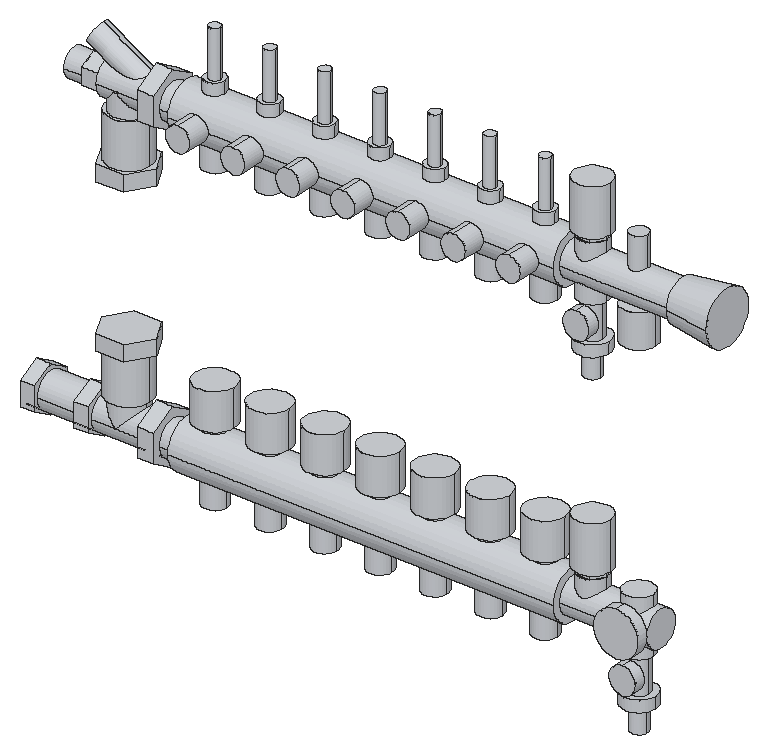
Revit family "318_1dab38ccfa9a4ba2b3cf6a35155c07", category Pipe Accessories, Revit 2017
Family settings
  Round Connector Dimension = Use Diameter
  Part Type = Valve - Normal
  Work Plane-Based = No
  Always vertical = Yes
  Cut with Voids When Loaded = No
  Shared = No
Parameters (values of type "R557FY007")
  magi_piping_qv_2_7 [instance] = 0.0 L/s
  magi_piping_qv_2_6 [instance] = 0.0 L/s
  magi_piping_qv_2_5 [instance] = 0.0 L/s
  magi_piping_qv_2_4 [instance] = 0.0 L/s
  magi_piping_qv_2_3 [instance] = 0.0 L/s
  magi_piping_qv_2_2 [instance] = 0.0 L/s
  magi_piping_qv_2_1 [instance] = 0.0 L/s
  magi_piping_qv_1_7 [instance] = 0.0 L/s
  magi_piping_qv_1_6 [instance] = 0.0 L/s
  magi_piping_qv_1_5 [instance] = 0.0 L/s
  magi_piping_qv_1_4 [instance] = 0.0 L/s
  magi_piping_qv_1_3 [instance] = 0.0 L/s
  magi_piping_qv_1_2 [instance] = 0.0 L/s
  magi_piping_qv_1_1 [instance] = 0.0 L/s
  magi_piping_qv [instance] = 0.0 L/s
  magi_piping_power_7 [instance] = 0 W
  magi_piping_power_6 [instance] = 0 W
  magi_piping_power_5 [instance] = 0 W
  magi_piping_power_4 [instance] = 0 W
  magi_piping_power_3 [instance] = 0 W
  magi_piping_power_2 [instance] = 0 W
  magi_piping_power_1 [instance] = 0 W
  magi_piping_kv_7 [instance] = 0
  magi_piping_kv_6 [instance] = 0
  magi_piping_kv_5 [instance] = 0
  magi_piping_kv_4 [instance] = 0
  magi_piping_kv_3 [instance] = 0
  magi_piping_kv_2 [instance] = 0
  magi_piping_kv_1 [instance] = 0
  magi_piping_dpTot_7 [instance] = 0.0 Pa
  magi_piping_dpTot_6 [instance] = 0.0 Pa
  magi_piping_dpTot_5 [instance] = 0.0 Pa
  magi_piping_dpTot_4 [instance] = 0.0 Pa
  magi_piping_dpTot_3 [instance] = 0.0 Pa
  magi_piping_dpTot_2 [instance] = 0.0 Pa
  magi_piping_dpTot_1 [instance] = 0.0 Pa
  magi_adjustmentValue_7 [instance] = ""
  magi_adjustmentValue_6 [instance] = ""
  magi_adjustmentValue_5 [instance] = ""
  magi_adjustmentValue_4 [instance] = ""
  magi_adjustmentValue_3 [instance] = ""
  magi_adjustmentValue_2 [instance] = ""
  magi_adjustmentValue_1 [instance] = ""
  magiProductId = "1dab38ccfa9a4ba2b3cf6a35155c07"
  magiProductFamilyId = "1dab38ccfa9a4ba2b3cf6a35155c07"
  magiProductCode = "R557FY007"
  magiPartTypeId = 318
  X1 = 127 mm
  VersionID = "2.0/2016.10.37.0/GIACOMINI_R557FY_001"
  VL2__ve = -VL2  # -137 mm
  VL2 = 137 mm
  VL1 = 102 mm
  URL = "http://www.giacomini.com/en"
  SMP = 25 mm
  SBP9 = 18 mm
  SBP8 = 18 mm
  SBP7 = 18 mm
  SBP6 = 18 mm
  SBP5 = 18 mm
  SBP4 = 18 mm
  SBP3 = 18 mm
  SBP2 = 18 mm
  SBP12 = 18 mm
  SBP11 = 18 mm
  SBP10 = 18 mm
  SBP1 = 18 mm
  RMP = 25 mm
  RBP9 = 18 mm
  RBP8 = 18 mm
  RBP7 = 18 mm
  RBP6 = 18 mm
  RBP5 = 18 mm
  RBP4 = 18 mm
  RBP3 = 18 mm
  RBP2 = 18 mm
  RBP12 = 18 mm
  RBP11 = 18 mm
  RBP10 = 18 mm
  RBP1 = 18 mm
  R2 = 22 mm
  QmdConnectorList = "321;SMP;322;SBP1;323;SBP2;324;SBP3;325;SBP4;326;SBP5;327;SBP6;328;SBP7;351;RMP;352;RBP1;353;RBP2;354;RBP3;355;RBP4;356;RBP5;357;RBP6;358;RBP7"
  Productdata [instance] = "© Progman Oy, all rights reserved"
  N9 = no
  N8 = no
  N7 = yes
  N6 = yes
  N5 = yes
  N4 = yes
  N3 = yes
  N12 = no
  N11 = no
  N10 = no
  Manufacturer = "Giacomini"
  MC_Default_elevation = 0 mm
  L = 350 mm
  I = 50 mm
  H5 = 33 mm
  H4 = 5 mm
  H3__ve = -H3  # -40 mm
  H3 = 40 mm
  H2__ve = -H2  # -20 mm
  H2 = 20 mm
  H12 = 42 mm
  H11 = 10 mm
  Flow supply main [instance] = Flow supply 1 + Flow supply 2 + Flow supply 3 + Flow supply 4 + Flow supply 5 + Flow supply 6 + Flow supply 7  # 0.0 L/s
  Flow supply 7 [instance] = 0.0 L/s
  Flow supply 6 [instance] = 0.0 L/s
  Flow supply 5 [instance] = 0.0 L/s
  Flow supply 4 [instance] = 0.0 L/s
  Flow supply 3 [instance] = 0.0 L/s
  Flow supply 2 [instance] = 0.0 L/s
  Flow supply 1 [instance] = 0.0 L/s
  Flow return main [instance] = Flow return 1 + Flow return 2 + Flow return 3 + Flow return 4 + Flow return 5 + Flow return 6 + Flow return 7  # 0.0 L/s
  Flow return 7 [instance] = 0.0 L/s
  Flow return 6 [instance] = 0.0 L/s
  Flow return 5 [instance] = 0.0 L/s
  Flow return 4 [instance] = 0.0 L/s
  Flow return 3 [instance] = 0.0 L/s
  Flow return 2 [instance] = 0.0 L/s
  Flow return 1 [instance] = 0.0 L/s
  E = 274 mm
  Description = "PREASSEMBLED MANIFOLD WITH FLOW METERS"
  D4 = 22 mm
  D32 = 10 mm
  D31 = 18 mm
  D2 = 44 mm
  CAT0 = yes
Reference planes
  plane 1 "Center (Front/Back)": y = 0
  plane 2 "XYPLANE": z = 0
  plane 3 "Center (Left/Right)": x = 0
  plane 4 "INIT_TEMP": y = 100
  plane 5 "386": y = -16
  plane 6 "385": z = -41
  plane 7 "384": z = -67
  plane 8 "383": z = -57
  plane 9 "382": y = -9
  plane 10 "381": z = -315
  plane 11 "380": z = -341
  plane 12 "379": z = -331
  plane 13 "378": z = -213
  plane 14 "377": z = -253
  plane 15 "376": z = -61
  plane 16 "375": z = -21
  plane 17 "374": x = 49
  plane 18 "373": x = 77
  plane 19 "372": x = 17
  plane 20 "371": x = 32
  plane 21 "370": x = -35
  plane 22 "369": x = 27
  plane 23 "368": x = 89
  plane 24 "367": x = -35
  plane 25 "366": x = 102
  plane 26 "365": z = -314
  plane 27 "364": z = -247
  plane 28 "363": z = -252
  plane 29 "362": z = -40
  plane 30 "361": x = 0
  plane 31 "360": y = 0
  plane 32 "359": z = -274
  plane 33 "358": z = 0
  plane 34 "357": z = 22
  plane 35 "356": x = 127
  plane 36 "355": x = 177
  plane 37 "354": y = -22
  plane 38 "353": x = 227
  plane 39 "352": z = 32
  plane 40 "351": x = 277
  plane 41 "350": x = 327
  plane 42 "349": x = 377
  plane 43 "348": x = 427
  plane 44 "347": x = 477
  plane 45 "346": x = 527
  plane 46 "345": x = 577
  plane 47 "344": x = 627
  plane 48 "343": x = 677
  plane 49 "342": x = 452
  plane 50 "341": x = 552
  plane 51 "340": x = 592
  plane 52 "339": x = 470
  plane 53 "338": z = -25
  plane 54 "337": z = 25
  plane 55 "336": z = 30
  plane 56 "335": z = -249
  plane 57 "334": z = -244
  plane 58 "333": z = -16
  plane 59 "332": x = 512
  plane 60 "331": z = -299
  plane 61 "1099": through (77, -750, 0) normal (0.866, 0, -0.5)
Forms (mm)
  Extrusion 1, solid
    sketch origin (750, -16, 0) x (-1, 0, 0) y (0, 0, 1)
      loop
        circle (238, -274) r 20
    from 0 to -10
  Extrusion 2, solid
    sketch origin (-750, 0, -67) x (1, 0, 0) y (0, 1, 0)
      loop
        circle (1220, 0) r 7.5
    from 0 to -22
  Extrusion 3, solid
    sketch origin (750, -9, 0) x (-1, 0, 0) y (0, 0, 1)
      loop
        circle (280, -41) r 12
    from 0 to -10
  Extrusion 4, solid
    sketch origin (750, -9, 0) x (-1, 0, 0) y (0, 0, 1)
      loop
        circle (238, -315) r 12
    from 0 to -10
  Extrusion 5, solid
    sketch origin (-750, 0, -341) x (1, 0, 0) y (0, 1, 0)
      loop
        circle (1262, 0) r 7.5
    from 0 to -22
  Extrusion 6, solid
    sketch origin (-750, 0, -57) x (1, 0, 0) y (0, 1, 0)
      loop
        circle (1220, 0) r 15
    from 0 to -10
  Extrusion 7, solid
    sketch origin (-750, 0, -331) x (1, 0, 0) y (0, 1, 0)
      loop
        circle (1262, 0) r 15
    from 0 to -10
  Extrusion 8, solid
    sketch origin (-750, 0, -299) x (1, 0, 0) y (0, 1, 0)
      loop
        circle (1262, 0) r 9
    from 0 to -32
  Extrusion 9, solid
    sketch origin (-750, 0, -253) x (1, 0, 0) y (0, 1, 0)
      loop
        circle (799, 0) r 19
    from 0 to 40
  Extrusion 10, solid
    sketch origin (-750, 0, -274) x (1, 0, 0) y (0, 1, 0)
      loop
        circle (799, 0) r 16
    from 0 to 21
  Extrusion 11, solid
    sketch origin (-750, 0, -213) x (1, 0, 0) y (0, 1, 0)
      loop
        line (824, 0) -> (811.5, 21.651) -> (786.5, 21.651) -> (774, 0) -> (786.5, -21.651) -> (811.5, -21.651) -> (824, 0)
    from 0 to 14
  Extrusion 12, solid
    sketch origin (-750, 0, -61) x (1, 0, 0) y (0, 1, 0)
      loop
        line (774, 0) -> (786.5, -21.651) -> (811.5, -21.651) -> (824, 0) -> (811.5, 21.651) -> (786.5, 21.651) -> (774, 0)
    from 0 to -14
  Extrusion 13, solid
    sketch origin (-750, 0, 0) x (1, 0, 0) y (0, 1, 0)
      loop
        circle (799, 0) r 16
    from 0 to -21
  Extrusion 14, solid
    sketch origin (-750, 0, -21) x (1, 0, 0) y (0, 1, 0)
      loop
        circle (799, 0) r 19
    from 0 to -40
  Extrusion 15, solid
    sketch origin (77, -750, 0) x (0, 1, 0) y (0.5, 0, 0.866025)
      loop
        circle (750, 0) r 10.5
    from 0 to -65
  Extrusion 16, solid, visible <- "CAT0"
    sketch origin (17, -750, 0) x (0, 1, 0) y (0, 0, 1)
      loop
        circle (750, 0) r 12.5
    from 0 to -17
  Extrusion 17, solid
    sketch origin (32, -750, 0) x (0, 1, 0) y (0, 0, 1)
      loop
        line (750, 15) -> (737.01, 7.5) -> (737.01, -7.5) -> (750, -15) -> (762.99, -7.5) -> (762.99, 7.5) -> (750, 15)
    from 0 to -15
  Extrusion 18, solid
    sketch origin (-35, -750, 0) x (0, 1, 0) y (0, 0, 1)
      loop
        line (750, -253) -> (731.813, -263.5) -> (731.813, -284.5) -> (750, -295) -> (768.187, -284.5) -> (768.187, -263.5) -> (750, -253)
    from 0 to 13
  Extrusion 19, solid
    sketch origin (27, -750, 0) x (0, 1, 0) y (0, 0, 1)
      loop
        line (750, -253) -> (731.813, -263.5) -> (731.813, -284.5) -> (750, -295) -> (768.187, -284.5) -> (768.187, -263.5) -> (750, -253)
    from 0 to -13
  Extrusion 20, solid
    sketch origin (102, -750, 0) x (0, 1, 0) y (0, 0, 1)
      loop
        circle (750, 0) r 16
    from 0 to -70
  Extrusion 21, solid
    sketch origin (89, -750, 0) x (0, 1, 0) y (0, 0, 1)
      loop
        line (750, 25) -> (728.349, 12.5) -> (728.349, -12.5) -> (750, -25) -> (771.651, -12.5) -> (771.651, 12.5) -> (750, 25)
    from 0 to -15
  Extrusion 22, solid
    sketch origin (89, -750, 0) x (0, 1, 0) y (0, 0, 1)
      loop
        line (750, -249) -> (728.349, -261.5) -> (728.349, -286.5) -> (750, -299) -> (771.651, -286.5) -> (771.651, -261.5) -> (750, -249)
    from 0 to -15
  Extrusion 23, solid
    sketch origin (102, -750, 0) x (0, 1, 0) y (0, 0, 1)
      loop
        circle (750, -274) r 16
    from 0 to -137 <- "VL2__ve"
  Extrusion 24, solid, visible <- "N10"
    sketch origin (-750, 0, -274) x (1, 0, 0) y (0, 1, 0)
      loop
        circle (1327, 0) r 11
    from 0 to -40 <- "H3__ve"
  Extrusion 25, solid, visible <- "N10"
    sketch origin (-750, 0, -252) x (1, 0, 0) y (0, 1, 0)
      loop
        circle (1327, 0) r 11
    from 0 to 5 <- "H4"
  Extrusion 26, solid, visible <- "N10"
    sketch origin (-750, 0, -247) x (1, 0, 0) y (0, 1, 0)
      loop
        circle (1327, 0) r 17.5
    from 0 to 33 <- "H5"
  Extrusion 27, solid, visible <- "N12"
    sketch origin (-750, 0, -247) x (1, 0, 0) y (0, 1, 0)
      loop
        circle (1427, 0) r 17.5
    from 0 to 33 <- "H5"
  Extrusion 28, solid, visible <- "N12"
    sketch origin (-750, 0, -252) x (1, 0, 0) y (0, 1, 0)
      loop
        circle (1427, 0) r 11
    from 0 to 5 <- "H4"
  Extrusion 29, solid, visible <- "N12"
    sketch origin (-750, 0, -274) x (1, 0, 0) y (0, 1, 0)
      loop
        circle (1427, 0) r 11
    from 0 to -40 <- "H3__ve"
  Extrusion 30, solid, visible <- "N11"
    sketch origin (-750, 0, -274) x (1, 0, 0) y (0, 1, 0)
      loop
        circle (1377, 0) r 11
    from 0 to -40 <- "H3__ve"
  Extrusion 31, solid, visible <- "N11"
    sketch origin (-750, 0, -252) x (1, 0, 0) y (0, 1, 0)
      loop
        circle (1377, 0) r 11
    from 0 to 5 <- "H4"
  Extrusion 32, solid, visible <- "N11"
    sketch origin (-750, 0, -247) x (1, 0, 0) y (0, 1, 0)
      loop
        circle (1377, 0) r 17.5
    from 0 to 33 <- "H5"
  Extrusion 33, solid, visible <- "N8"
    sketch origin (-750, 0, -247) x (1, 0, 0) y (0, 1, 0)
      loop
        circle (1227, 0) r 17.5
    from 0 to 33 <- "H5"
  Extrusion 34, solid, visible <- "N8"
    sketch origin (-750, 0, -252) x (1, 0, 0) y (0, 1, 0)
      loop
        circle (1227, 0) r 11
    from 0 to 5 <- "H4"
  Extrusion 35, solid, visible <- "N8"
    sketch origin (-750, 0, -274) x (1, 0, 0) y (0, 1, 0)
      loop
        circle (1227, 0) r 11
    from 0 to -40 <- "H3__ve"
  Extrusion 36, solid, visible <- "N9"
    sketch origin (-750, 0, -274) x (1, 0, 0) y (0, 1, 0)
      loop
        circle (1277, 0) r 11
    from 0 to -40 <- "H3__ve"
  Extrusion 37, solid, visible <- "N9"
    sketch origin (-750, 0, -252) x (1, 0, 0) y (0, 1, 0)
      loop
        circle (1277, 0) r 11
    from 0 to 5 <- "H4"
  Extrusion 38, solid, visible <- "N9"
    sketch origin (-750, 0, -247) x (1, 0, 0) y (0, 1, 0)
      loop
        circle (1277, 0) r 17.5
    from 0 to 33 <- "H5"
  Extrusion 39, solid, visible <- "N7"
    sketch origin (-750, 0, -247) x (1, 0, 0) y (0, 1, 0)
      loop
        circle (1177, 0) r 17.5
    from 0 to 33 <- "H5"
  Extrusion 40, solid, visible <- "N7"
    sketch origin (-750, 0, -252) x (1, 0, 0) y (0, 1, 0)
      loop
        circle (1177, 0) r 11
    from 0 to 5 <- "H4"
  Extrusion 41, solid, visible <- "N7"
    sketch origin (-750, 0, -274) x (1, 0, 0) y (0, 1, 0)
      loop
        circle (1177, 0) r 11
    from 0 to -40 <- "H3__ve"
  Extrusion 42, solid, visible <- "N6"
    sketch origin (-750, 0, -274) x (1, 0, 0) y (0, 1, 0)
      loop
        circle (1127, 0) r 11
    from 0 to -40 <- "H3__ve"
  Extrusion 43, solid, visible <- "N6"
    sketch origin (-750, 0, -252) x (1, 0, 0) y (0, 1, 0)
      loop
        circle (1127, 0) r 11
    from 0 to 5 <- "H4"
  Extrusion 44, solid, visible <- "N6"
    sketch origin (-750, 0, -247) x (1, 0, 0) y (0, 1, 0)
      loop
        circle (1127, 0) r 17.5
    from 0 to 33 <- "H5"
  Extrusion 45, solid, visible <- "N5"
    sketch origin (-750, 0, -247) x (1, 0, 0) y (0, 1, 0)
      loop
        circle (1077, 0) r 17.5
    from 0 to 33 <- "H5"
  Extrusion 46, solid, visible <- "N5"
    sketch origin (-750, 0, -252) x (1, 0, 0) y (0, 1, 0)
      loop
        circle (1077, 0) r 11
    from 0 to 5 <- "H4"
  Extrusion 47, solid, visible <- "N5"
    sketch origin (-750, 0, -274) x (1, 0, 0) y (0, 1, 0)
      loop
        circle (1077, 0) r 11
    from 0 to -40 <- "H3__ve"
  Extrusion 48, solid, visible <- "N4"
    sketch origin (-750, 0, -274) x (1, 0, 0) y (0, 1, 0)
      loop
        circle (1027, 0) r 11
    from 0 to -40 <- "H3__ve"
  Extrusion 49, solid, visible <- "N4"
    sketch origin (-750, 0, -252) x (1, 0, 0) y (0, 1, 0)
      loop
        circle (1027, 0) r 11
    from 0 to 5 <- "H4"
  Extrusion 50, solid, visible <- "N4"
    sketch origin (-750, 0, -247) x (1, 0, 0) y (0, 1, 0)
      loop
        circle (1027, 0) r 17.5
    from 0 to 33 <- "H5"
  Extrusion 51, solid, visible <- "N3"
    sketch origin (-750, 0, -247) x (1, 0, 0) y (0, 1, 0)
      loop
        circle (977, 0) r 17.5
    from 0 to 33 <- "H5"
  Extrusion 52, solid, visible <- "N3"
    sketch origin (-750, 0, -252) x (1, 0, 0) y (0, 1, 0)
      loop
        circle (977, 0) r 11
    from 0 to 5 <- "H4"
  Extrusion 53, solid
    sketch origin (-750, 0, -252) x (1, 0, 0) y (0, 1, 0)
      loop
        circle (927, 0) r 11
    from 0 to 5 <- "H4"
  Extrusion 54, solid
    sketch origin (-750, 0, -247) x (1, 0, 0) y (0, 1, 0)
      loop
        circle (927, 0) r 17.5
    from 0 to 33 <- "H5"
  Extrusion 55, solid
    sketch origin (-750, 0, -247) x (1, 0, 0) y (0, 1, 0)
      loop
        circle (877, 0) r 17.5
    from 0 to 33 <- "H5"
  Extrusion 56, solid
    sketch origin (-750, 0, -252) x (1, 0, 0) y (0, 1, 0)
      loop
        circle (877, 0) r 11
    from 0 to 5 <- "H4"
  Extrusion 57, solid, visible <- "N3"
    sketch origin (-750, 0, -274) x (1, 0, 0) y (0, 1, 0)
      loop
        circle (977, 0) r 11
    from 0 to -40 <- "H3__ve"
  Extrusion 58, solid
    sketch origin (-750, 0, -274) x (1, 0, 0) y (0, 1, 0)
      loop
        circle (877, 0) r 11
    from 0 to -40 <- "H3__ve"
  Extrusion 59, solid
    sketch origin (-750, 0, -274) x (1, 0, 0) y (0, 1, 0)
      loop
        circle (927, 0) r 11
    from 0 to -40 <- "H3__ve"
  Extrusion 60, solid
    sketch origin (102, -750, 0) x (0, 1, 0) y (0, 0, 1)
      loop
        circle (750, -274) r 22
    from 0 to 350 <- "L"
  Extrusion 61, solid, visible <- "N8"
    sketch origin (-750, 0, 0) x (1, 0, 0) y (0, 1, 0)
      loop
        circle (1227, 0) r 11
    from 0 to -40 <- "H3__ve"
  Extrusion 62, solid, visible <- "N9"
    sketch origin (-750, 0, 0) x (1, 0, 0) y (0, 1, 0)
      loop
        circle (1277, 0) r 11
    from 0 to -40 <- "H3__ve"
  Extrusion 63, solid, visible <- "N10"
    sketch origin (-750, 0, 0) x (1, 0, 0) y (0, 1, 0)
      loop
        circle (1327, 0) r 11
    from 0 to -40 <- "H3__ve"
  Extrusion 64, solid, visible <- "N11"
    sketch origin (-750, 0, 0) x (1, 0, 0) y (0, 1, 0)
      loop
        circle (1377, 0) r 11
    from 0 to -40 <- "H3__ve"
  Extrusion 65, solid, visible <- "N12"
    sketch origin (-750, 0, 0) x (1, 0, 0) y (0, 1, 0)
      loop
        circle (1427, 0) r 11
    from 0 to -40 <- "H3__ve"
  Extrusion 66, solid, visible <- "N7"
    sketch origin (-750, 0, 0) x (1, 0, 0) y (0, 1, 0)
      loop
        circle (1177, 0) r 11
    from 0 to -40 <- "H3__ve"
  Extrusion 67, solid, visible <- "N6"
    sketch origin (-750, 0, 0) x (1, 0, 0) y (0, 1, 0)
      loop
        circle (1127, 0) r 11
    from 0 to -40 <- "H3__ve"
  Extrusion 68, solid, visible <- "N5"
    sketch origin (-750, 0, 0) x (1, 0, 0) y (0, 1, 0)
      loop
        circle (1077, 0) r 11
    from 0 to -40 <- "H3__ve"
  Extrusion 69, solid, visible <- "N4"
    sketch origin (-750, 0, 0) x (1, 0, 0) y (0, 1, 0)
      loop
        circle (1027, 0) r 11
    from 0 to -40 <- "H3__ve"
  Extrusion 70, solid, visible <- "N3"
    sketch origin (-750, 0, 0) x (1, 0, 0) y (0, 1, 0)
      loop
        circle (977, 0) r 11
    from 0 to -40 <- "H3__ve"
  Extrusion 71, solid
    sketch origin (-750, 0, 0) x (1, 0, 0) y (0, 1, 0)
      loop
        circle (927, 0) r 11
    from 0 to -40 <- "H3__ve"
  Extrusion 72, solid
    sketch origin (-750, 0, 0) x (1, 0, 0) y (0, 1, 0)
      loop
        circle (877, 0) r 11
    from 0 to -40 <- "H3__ve"
  Extrusion 73, solid
    sketch origin (102, -750, 0) x (0, 1, 0) y (0, 0, 1)
      loop
        circle (750, 0) r 22
    from 0 to 350 <- "L"
  Extrusion 74, solid
    sketch origin (-750, 0, 22) x (1, 0, 0) y (0, 1, 0)
      loop
        circle (877, 0) r 9
    from 0 to 10 <- "H11"
  Extrusion 75, solid
    sketch origin (750, -22, 0) x (-1, 0, 0) y (0, 0, 1)
      loop
        circle (623, 0) r 11
    from 0 to -20 <- "H2__ve"
  Extrusion 76, solid
    sketch origin (750, -22, 0) x (-1, 0, 0) y (0, 0, 1)
      loop
        circle (573, 0) r 11
    from 0 to -20 <- "H2__ve"
  Extrusion 77, solid, visible <- "N3"
    sketch origin (750, -22, 0) x (-1, 0, 0) y (0, 0, 1)
      loop
        circle (523, 0) r 11
    from 0 to -20 <- "H2__ve"
  Extrusion 78, solid
    sketch origin (-750, 0, 32) x (1, 0, 0) y (0, 1, 0)
      loop
        circle (877, 0) r 5
    from 0 to 42 <- "H12"
  Extrusion 79, solid
    sketch origin (-750, 0, 32) x (1, 0, 0) y (0, 1, 0)
      loop
        circle (927, 0) r 5
    from 0 to 42 <- "H12"
  Extrusion 80, solid
    sketch origin (-750, 0, 22) x (1, 0, 0) y (0, 1, 0)
      loop
        circle (927, 0) r 9
    from 0 to 10 <- "H11"
  Extrusion 81, solid, visible <- "N3"
    sketch origin (-750, 0, 22) x (1, 0, 0) y (0, 1, 0)
      loop
        circle (977, 0) r 9
    from 0 to 10 <- "H11"
  Extrusion 82, solid, visible <- "N3"
    sketch origin (-750, 0, 32) x (1, 0, 0) y (0, 1, 0)
      loop
        circle (977, 0) r 5
    from 0 to 42 <- "H12"
  Extrusion 83, solid, visible <- "N4"
    sketch origin (-750, 0, 32) x (1, 0, 0) y (0, 1, 0)
      loop
        circle (1027, 0) r 5
    from 0 to 42 <- "H12"
  Extrusion 84, solid, visible <- "N4"
    sketch origin (-750, 0, 22) x (1, 0, 0) y (0, 1, 0)
      loop
        circle (1027, 0) r 9
    from 0 to 10 <- "H11"
  Extrusion 85, solid, visible <- "N4"
    sketch origin (750, -22, 0) x (-1, 0, 0) y (0, 0, 1)
      loop
        circle (473, 0) r 11
    from 0 to -20 <- "H2__ve"
  Extrusion 86, solid, visible <- "N5"
    sketch origin (750, -22, 0) x (-1, 0, 0) y (0, 0, 1)
      loop
        circle (423, 0) r 11
    from 0 to -20 <- "H2__ve"
  Extrusion 87, solid, visible <- "N5"
    sketch origin (-750, 0, 22) x (1, 0, 0) y (0, 1, 0)
      loop
        circle (1077, 0) r 9
    from 0 to 10 <- "H11"
  Extrusion 88, solid, visible <- "N5"
    sketch origin (-750, 0, 32) x (1, 0, 0) y (0, 1, 0)
      loop
        circle (1077, 0) r 5
    from 0 to 42 <- "H12"
  Extrusion 89, solid, visible <- "N6"
    sketch origin (-750, 0, 32) x (1, 0, 0) y (0, 1, 0)
      loop
        circle (1127, 0) r 5
    from 0 to 42 <- "H12"
  Extrusion 90, solid, visible <- "N6"
    sketch origin (-750, 0, 22) x (1, 0, 0) y (0, 1, 0)
      loop
        circle (1127, 0) r 9
    from 0 to 10 <- "H11"
  Extrusion 91, solid, visible <- "N6"
    sketch origin (750, -22, 0) x (-1, 0, 0) y (0, 0, 1)
      loop
        circle (373, 0) r 11
    from 0 to -20 <- "H2__ve"
  Extrusion 92, solid, visible <- "N7"
    sketch origin (750, -22, 0) x (-1, 0, 0) y (0, 0, 1)
      loop
        circle (323, 0) r 11
    from 0 to -20 <- "H2__ve"
  Extrusion 93, solid, visible <- "N7"
    sketch origin (-750, 0, 22) x (1, 0, 0) y (0, 1, 0)
      loop
        circle (1177, 0) r 9
    from 0 to 10 <- "H11"
  Extrusion 94, solid, visible <- "N7"
    sketch origin (-750, 0, 32) x (1, 0, 0) y (0, 1, 0)
      loop
        circle (1177, 0) r 5
    from 0 to 42 <- "H12"
  Extrusion 95, solid, visible <- "N8"
    sketch origin (-750, 0, 32) x (1, 0, 0) y (0, 1, 0)
      loop
        circle (1227, 0) r 5
    from 0 to 42 <- "H12"
  Extrusion 96, solid, visible <- "N8"
    sketch origin (-750, 0, 22) x (1, 0, 0) y (0, 1, 0)
      loop
        circle (1227, 0) r 9
    from 0 to 10 <- "H11"
  Extrusion 97, solid, visible <- "N8"
    sketch origin (750, -22, 0) x (-1, 0, 0) y (0, 0, 1)
      loop
        circle (273, 0) r 11
    from 0 to -20 <- "H2__ve"
  Extrusion 98, solid, visible <- "N10"
    sketch origin (750, -22, 0) x (-1, 0, 0) y (0, 0, 1)
      loop
        circle (173, 0) r 11
    from 0 to -20 <- "H2__ve"
  Extrusion 99, solid, visible <- "N10"
    sketch origin (-750, 0, 22) x (1, 0, 0) y (0, 1, 0)
      loop
        circle (1327, 0) r 9
    from 0 to 10 <- "H11"
  Extrusion 100, solid, visible <- "N10"
    sketch origin (-750, 0, 32) x (1, 0, 0) y (0, 1, 0)
      loop
        circle (1327, 0) r 5
    from 0 to 42 <- "H12"
  Extrusion 101, solid, visible <- "N9"
    sketch origin (-750, 0, 32) x (1, 0, 0) y (0, 1, 0)
      loop
        circle (1277, 0) r 5
    from 0 to 42 <- "H12"
  Extrusion 102, solid, visible <- "N9"
    sketch origin (-750, 0, 22) x (1, 0, 0) y (0, 1, 0)
      loop
        circle (1277, 0) r 9
    from 0 to 10 <- "H11"
  Extrusion 103, solid, visible <- "N9"
    sketch origin (750, -22, 0) x (-1, 0, 0) y (0, 0, 1)
      loop
        circle (223, 0) r 11
    from 0 to -20 <- "H2__ve"
  Extrusion 104, solid, visible <- "N11"
    sketch origin (-750, 0, 32) x (1, 0, 0) y (0, 1, 0)
      loop
        circle (1377, 0) r 5
    from 0 to 42 <- "H12"
  Extrusion 105, solid, visible <- "N11"
    sketch origin (-750, 0, 22) x (1, 0, 0) y (0, 1, 0)
      loop
        circle (1377, 0) r 9
    from 0 to 10 <- "H11"
  Extrusion 106, solid, visible <- "N11"
    sketch origin (750, -22, 0) x (-1, 0, 0) y (0, 0, 1)
      loop
        circle (123, 0) r 11
    from 0 to -20 <- "H2__ve"
  Extrusion 107, solid, visible <- "N12"
    sketch origin (750, -22, 0) x (-1, 0, 0) y (0, 0, 1)
      loop
        circle (73, 0) r 11
    from 0 to -20 <- "H2__ve"
  Extrusion 108, solid, visible <- "N12"
    sketch origin (-750, 0, 22) x (1, 0, 0) y (0, 1, 0)
      loop
        circle (1427, 0) r 9
    from 0 to 10 <- "H11"
  Extrusion 109, solid, visible <- "N12"
    sketch origin (-750, 0, 32) x (1, 0, 0) y (0, 1, 0)
      loop
        circle (1427, 0) r 5
    from 0 to 42 <- "H12"
  Extrusion 110, solid
    sketch origin (452, -750, 0) x (0, 1, 0) y (0, 0, 1)
      loop
        circle (750, 0) r 16
    from 0 to 100
  Blend 111, solid
    base sketch origin (552, -750, 0) x (0, 1, 0) y (0, 0, 1)
      loop
        circle (750, 0) r 19
    top sketch origin (552, -750, 0) x (0, 1, 0) y (0, 0, 1)
      loop
        circle (750, 0) r 24
    from 0 to 40
  Extrusion 112, solid
    sketch origin (-750, 0, -25) x (1, 0, 0) y (0, 1, 0)
      loop
        circle (1220, 0) r 13
    from 0 to 50
  Extrusion 113, solid
    sketch origin (-750, 0, 25) x (1, 0, 0) y (0, 1, 0)
      loop
        line (1233, 0) -> (1226.5, 11.258) -> (1213.5, 11.258) -> (1207, 0) -> (1213.5, -11.258) -> (1226.5, -11.258) -> (1233, 0)
    from 0 to 5
  Extrusion 114, solid
    sketch origin (-750, 0, 30) x (1, 0, 0) y (0, 1, 0)
      loop
        circle (1220, 0) r 16
    from 0 to 42
  Extrusion 115, solid
    sketch origin (452, -750, 0) x (0, 1, 0) y (0, 0, 1)
      loop
        circle (750, -274) r 16
    from 0 to 80
  Extrusion 116, solid
    sketch origin (-750, 0, -274) x (1, 0, 0) y (0, 1, 0)
      loop
        circle (1220, 0) r 13
    from 0 to 25
  Extrusion 117, solid
    sketch origin (-750, 0, -244) x (1, 0, 0) y (0, 1, 0)
      loop
        circle (1220, 0) r 16
    from 0 to 42
  Extrusion 118, solid
    sketch origin (-750, 0, -249) x (1, 0, 0) y (0, 1, 0)
      loop
        line (1233, 0) -> (1226.5, 11.258) -> (1213.5, 11.258) -> (1207, 0) -> (1213.5, -11.258) -> (1226.5, -11.258) -> (1233, 0)
    from 0 to 5
  Extrusion 119, solid, visible <- "CAT0"
    sketch origin (-750, 0, -16) x (1, 0, 0) y (0, 1, 0)
      loop
        circle (1262, 0) r 15
    from 0 to -30
  Extrusion 120, solid, visible <- "CAT0"
    sketch origin (-750, 0, 0) x (1, 0, 0) y (0, 1, 0)
      loop
        circle (1262, 0) r 8
    from 0 to 42
  Extrusion 121, solid
    sketch origin (-750, 0, -25) x (1, 0, 0) y (0, 1, 0)
      loop
        circle (1220, 0) r 9
    from 0 to -32
  Extrusion 122, solid
    sketch origin (-750, 0, -299) x (1, 0, 0) y (0, 1, 0)
      loop
        circle (1262, 0) r 13
    from 0 to 50
  Extrusion 123, solid, not visible
    sketch origin (-750, 0, -314) x (1, 0, 0) y (0, 1, 0)
      loop
        circle (1177, 0) r 10
    from 0 to 10
  Extrusion 124, solid, not visible
    sketch origin (-750, 0, -314) x (1, 0, 0) y (0, 1, 0)
      loop
        circle (1127, 0) r 10
    from 0 to 10
  Extrusion 125, solid, not visible
    sketch origin (-750, 0, -314) x (1, 0, 0) y (0, 1, 0)
      loop
        circle (1077, 0) r 10
    from 0 to 10
  Extrusion 126, solid, not visible
    sketch origin (-750, 0, -314) x (1, 0, 0) y (0, 1, 0)
      loop
        circle (1027, 0) r 10
    from 0 to 10
  Extrusion 127, solid, not visible
    sketch origin (-750, 0, -314) x (1, 0, 0) y (0, 1, 0)
      loop
        circle (927, 0) r 10
    from 0 to 10
  Extrusion 128, solid, not visible
    sketch origin (-750, 0, -314) x (1, 0, 0) y (0, 1, 0)
      loop
        circle (877, 0) r 10
    from 0 to 10
  Extrusion 129, solid, not visible
    sketch origin (-750, 0, -314) x (1, 0, 0) y (0, 1, 0)
      loop
        circle (977, 0) r 10
    from 0 to 10
  Extrusion 130, solid, not visible
    sketch origin (-750, 0, -40) x (1, 0, 0) y (0, 1, 0)
      loop
        circle (1177, 0) r 10
    from 0 to 10
  Extrusion 131, solid, not visible
    sketch origin (-750, 0, -40) x (1, 0, 0) y (0, 1, 0)
      loop
        circle (1127, 0) r 10
    from 0 to 10
  Extrusion 132, solid, not visible
    sketch origin (-750, 0, -40) x (1, 0, 0) y (0, 1, 0)
      loop
        circle (1077, 0) r 10
    from 0 to 10
  Extrusion 133, solid, not visible
    sketch origin (-750, 0, -40) x (1, 0, 0) y (0, 1, 0)
      loop
        circle (1027, 0) r 10
    from 0 to 10
  Extrusion 134, solid, not visible
    sketch origin (-750, 0, -40) x (1, 0, 0) y (0, 1, 0)
      loop
        circle (977, 0) r 10
    from 0 to 10
  Extrusion 135, solid, not visible
    sketch origin (0, -750, 0) x (0, 1, 0) y (0, 0, 1)
      loop
        circle (750, 0) r 10
    from 0 to 10
  Extrusion 136, solid, not visible
    sketch origin (-35, -750, 0) x (0, 1, 0) y (0, 0, 1)
      loop
        circle (750, -274) r 10
    from 0 to 10
  Extrusion 137, solid, not visible
    sketch origin (-750, 0, -40) x (1, 0, 0) y (0, 1, 0)
      loop
        circle (877, 0) r 10
    from 0 to 10
  Extrusion 138, solid, not visible
    sketch origin (-750, 0, -40) x (1, 0, 0) y (0, 1, 0)
      loop
        circle (927, 0) r 10
    from 0 to 10
Text (mm)
  text "© Progman Oy, all rights reserved" at (-472.209, -2482.653, 0), in view "Ref. Level"
Dimensions and locks
  plane 4 "INIT_TEMP" to plane 1 "Center (Front/Back)" = 100 mm
  locked: plane 1 "Center (Front/Back)" to plane 5 "386" at 16
  locked: plane 53 "338" to plane 6 "385" at 16
  locked: plane 8 "383" to plane 7 "384" at 10
  locked: plane 53 "338" to plane 8 "383" at 32
  locked: plane 1 "Center (Front/Back)" to plane 9 "382" at 9
  locked: plane 60 "331" to plane 10 "381" at 16
  locked: plane 12 "379" to plane 11 "380" at 10
  locked: plane 60 "331" to plane 12 "379" at 32
  locked: plane 14 "377" to plane 13 "378" at 40
  locked: plane 32 "359" to plane 14 "377" at 21
  locked: plane 16 "375" to plane 15 "376" at 40
  locked: plane 2 "XYPLANE" to plane 16 "375" at 21
  locked: plane 25 "366" to plane 17 "374" at 53
  locked: plane 25 "366" to plane 18 "373" at 25
  locked: plane 20 "371" to plane 19 "372" at 15
  locked: plane 25 "366" to plane 20 "371" at 70
  "VL2": plane 25 "366" to plane 21 "370"
  locked: plane 23 "368" to plane 22 "369" at 62
  locked: plane 25 "366" to plane 23 "368" at 13
  "VL2": plane 25 "366" to plane 24 "367"
  "VL1": plane 3 "Center (Left/Right)" to plane 25 "366"
  "H3": plane 32 "359" to plane 26 "365"
  "H4": plane 28 "363" to plane 27 "364"
  "R2": plane 32 "359" to plane 28 "363"
  "H3": plane 2 "XYPLANE" to plane 29 "362"
  locked: plane 3 "Center (Left/Right)" to plane 30 "361"
  locked: plane 1 "Center (Front/Back)" to plane 31 "360"
  "E": plane 2 "XYPLANE" to plane 32 "359"
  locked: plane 2 "XYPLANE" to plane 33 "358"
  "R2": plane 2 "XYPLANE" to plane 34 "357"
  "X1": plane 3 "Center (Left/Right)" to plane 35 "356"
  "I": plane 35 "356" to plane 36 "355"
  "R2": plane 1 "Center (Front/Back)" to plane 37 "354"
  "I": plane 36 "355" to plane 38 "353"
  "H11": plane 34 "357" to plane 39 "352"
  "I": plane 38 "353" to plane 40 "351"
  "I": plane 40 "351" to plane 41 "350"
  "I": plane 41 "350" to plane 42 "349"
  "I": plane 42 "349" to plane 43 "348"
  "I": plane 43 "348" to plane 44 "347"
  "I": plane 44 "347" to plane 45 "346"
  "I": plane 45 "346" to plane 46 "345"
  "I": plane 46 "345" to plane 47 "344"
  "I": plane 47 "344" to plane 48 "343"
  "L": plane 25 "366" to plane 49 "342"
  locked: plane 49 "342" to plane 50 "341" at 100
  locked: plane 50 "341" to plane 51 "340" at 40
  locked: plane 49 "342" to plane 52 "339" at 18
  locked: plane 2 "XYPLANE" to plane 53 "338" at 25
  locked: plane 53 "338" to plane 54 "337" at 50
  locked: plane 54 "337" to plane 55 "336" at 5
  locked: plane 32 "359" to plane 56 "335" at 25
  locked: plane 56 "335" to plane 57 "334" at 5
  locked: plane 2 "XYPLANE" to plane 58 "333" at 16
  locked: plane 49 "342" to plane 59 "332" at 60
  locked: plane 32 "359" to plane 60 "331" at 25
  "D4": diameter of Extrusion 24 sketch curve
  "D4": diameter of Extrusion 25 sketch curve
  diameter of Extrusion 26 sketch curve = 35 mm
  diameter of Extrusion 27 sketch curve = 35 mm
  "D4": diameter of Extrusion 28 sketch curve
  "D4": diameter of Extrusion 29 sketch curve
  "D4": diameter of Extrusion 30 sketch curve
  "D4": diameter of Extrusion 31 sketch curve
  diameter of Extrusion 32 sketch curve = 35 mm
  diameter of Extrusion 33 sketch curve = 35 mm
  "D4": diameter of Extrusion 34 sketch curve
  "D4": diameter of Extrusion 35 sketch curve
  "D4": diameter of Extrusion 36 sketch curve
  "D4": diameter of Extrusion 37 sketch curve
  diameter of Extrusion 38 sketch curve = 35 mm
  diameter of Extrusion 39 sketch curve = 35 mm
  "D4": diameter of Extrusion 40 sketch curve
  "D4": diameter of Extrusion 41 sketch curve
  "D4": diameter of Extrusion 42 sketch curve
  "D4": diameter of Extrusion 43 sketch curve
  diameter of Extrusion 44 sketch curve = 35 mm
  diameter of Extrusion 45 sketch curve = 35 mm
  "D4": diameter of Extrusion 46 sketch curve
  "D4": diameter of Extrusion 47 sketch curve
  "D4": diameter of Extrusion 48 sketch curve
  "D4": diameter of Extrusion 49 sketch curve
  diameter of Extrusion 50 sketch curve = 35 mm
  diameter of Extrusion 51 sketch curve = 35 mm
  "D4": diameter of Extrusion 52 sketch curve
  "D4": diameter of Extrusion 53 sketch curve
  diameter of Extrusion 54 sketch curve = 35 mm
  diameter of Extrusion 55 sketch curve = 35 mm
  "D4": diameter of Extrusion 56 sketch curve
  "D4": diameter of Extrusion 57 sketch curve
  "D4": diameter of Extrusion 58 sketch curve
  "D4": diameter of Extrusion 59 sketch curve
  "D2": diameter of Extrusion 60 sketch curve
  "D4": diameter of Extrusion 61 sketch curve
  "D4": diameter of Extrusion 62 sketch curve
  "D4": diameter of Extrusion 63 sketch curve
  "D4": diameter of Extrusion 64 sketch curve
  "D4": diameter of Extrusion 65 sketch curve
  "D4": diameter of Extrusion 66 sketch curve
  "D4": diameter of Extrusion 67 sketch curve
  "D4": diameter of Extrusion 68 sketch curve
  "D4": diameter of Extrusion 69 sketch curve
  "D4": diameter of Extrusion 70 sketch curve
  "D4": diameter of Extrusion 71 sketch curve
  "D4": diameter of Extrusion 72 sketch curve
  "D2": diameter of Extrusion 73 sketch curve
  "D31": diameter of Extrusion 74 sketch curve
  "D4": diameter of Extrusion 75 sketch curve
  "D4": diameter of Extrusion 76 sketch curve
  "D4": diameter of Extrusion 77 sketch curve
  "D32": diameter of Extrusion 78 sketch curve
  "D32": diameter of Extrusion 79 sketch curve
  "D31": diameter of Extrusion 80 sketch curve
  "D31": diameter of Extrusion 81 sketch curve
  "D32": diameter of Extrusion 82 sketch curve
  "D32": diameter of Extrusion 83 sketch curve
  "D31": diameter of Extrusion 84 sketch curve
  "D4": diameter of Extrusion 85 sketch curve
  "D4": diameter of Extrusion 86 sketch curve
  "D31": diameter of Extrusion 87 sketch curve
  "D32": diameter of Extrusion 88 sketch curve
  "D32": diameter of Extrusion 89 sketch curve
  "D31": diameter of Extrusion 90 sketch curve
  "D4": diameter of Extrusion 91 sketch curve
  "D4": diameter of Extrusion 92 sketch curve
  "D31": diameter of Extrusion 93 sketch curve
  "D32": diameter of Extrusion 94 sketch curve
  "D32": diameter of Extrusion 95 sketch curve
  "D31": diameter of Extrusion 96 sketch curve
  "D4": diameter of Extrusion 97 sketch curve
  "D4": diameter of Extrusion 98 sketch curve
  "D31": diameter of Extrusion 99 sketch curve
  "D32": diameter of Extrusion 100 sketch curve
  "D32": diameter of Extrusion 101 sketch curve
  "D31": diameter of Extrusion 102 sketch curve
  "D4": diameter of Extrusion 103 sketch curve
  "D32": diameter of Extrusion 104 sketch curve
  "D31": diameter of Extrusion 105 sketch curve
  "D4": diameter of Extrusion 106 sketch curve
  "D4": diameter of Extrusion 107 sketch curve
  "D31": diameter of Extrusion 108 sketch curve
  "D32": diameter of Extrusion 109 sketch curve
  aligned and locked: level to plane 2 "XYPLANE"
  aligned and locked: plane 32 "359" to Extrusion 1 sketch curve
  aligned and locked: plane 59 "332" to Extrusion 1 sketch curve
  aligned and locked: plane 31 "360" to Extrusion 2 sketch curve
  aligned and locked: plane 52 "339" to Extrusion 2 sketch curve
  aligned and locked: plane 6 "385" to Extrusion 3 sketch curve
  aligned and locked: plane 52 "339" to Extrusion 3 sketch curve
  aligned and locked: plane 10 "381" to Extrusion 4 sketch curve
  aligned and locked: plane 59 "332" to Extrusion 4 sketch curve
  aligned and locked: plane 31 "360" to Extrusion 5 sketch curve
  aligned and locked: plane 59 "332" to Extrusion 5 sketch curve
  aligned and locked: plane 31 "360" to Extrusion 6 sketch curve
  aligned and locked: plane 52 "339" to Extrusion 6 sketch curve
  aligned and locked: plane 31 "360" to Extrusion 7 sketch curve
  aligned and locked: plane 59 "332" to Extrusion 7 sketch curve
  aligned and locked: plane 31 "360" to Extrusion 8 sketch curve
  aligned and locked: plane 59 "332" to Extrusion 8 sketch curve
  aligned and locked: plane 17 "374" to Extrusion 9 sketch curve
  aligned and locked: plane 31 "360" to Extrusion 9 sketch curve
  aligned and locked: plane 17 "374" to Extrusion 10 sketch curve
  aligned and locked: plane 31 "360" to Extrusion 10 sketch curve
  aligned and locked: plane 17 "374" to Extrusion 13 sketch curve
  aligned and locked: plane 31 "360" to Extrusion 13 sketch curve
  aligned and locked: plane 17 "374" to Extrusion 14 sketch curve
  aligned and locked: plane 31 "360" to Extrusion 14 sketch curve
  aligned and locked: plane 31 "360" to Extrusion 15 sketch curve
  aligned and locked: Extrusion 16 sketch curve to plane 31 "360"
  aligned and locked: plane 33 "358" to Extrusion 16 sketch curve
  aligned and locked: Extrusion 20 sketch curve to plane 31 "360"
  aligned and locked: plane 33 "358" to Extrusion 20 sketch curve
  aligned and locked: Extrusion 23 sketch curve to plane 31 "360"
  aligned and locked: plane 32 "359" to Extrusion 23 sketch curve
  aligned and locked: plane 31 "360" to Extrusion 24 sketch curve
  aligned and locked: plane 46 "345" to Extrusion 24 sketch curve
  aligned and locked: plane 31 "360" to Extrusion 25 sketch curve
  aligned and locked: plane 46 "345" to Extrusion 25 sketch curve
  aligned and locked: plane 31 "360" to Extrusion 26 sketch curve
  aligned and locked: plane 46 "345" to Extrusion 26 sketch curve
  aligned and locked: plane 31 "360" to Extrusion 27 sketch curve
  aligned and locked: plane 48 "343" to Extrusion 27 sketch curve
  aligned and locked: plane 31 "360" to Extrusion 28 sketch curve
  aligned and locked: plane 48 "343" to Extrusion 28 sketch curve
  aligned and locked: plane 31 "360" to Extrusion 29 sketch curve
  aligned and locked: plane 48 "343" to Extrusion 29 sketch curve
  aligned and locked: plane 31 "360" to Extrusion 30 sketch curve
  aligned and locked: plane 47 "344" to Extrusion 30 sketch curve
  aligned and locked: plane 31 "360" to Extrusion 31 sketch curve
  aligned and locked: plane 47 "344" to Extrusion 31 sketch curve
  aligned and locked: plane 31 "360" to Extrusion 32 sketch curve
  aligned and locked: plane 47 "344" to Extrusion 32 sketch curve
  aligned and locked: plane 31 "360" to Extrusion 33 sketch curve
  aligned and locked: plane 44 "347" to Extrusion 33 sketch curve
  aligned and locked: plane 31 "360" to Extrusion 34 sketch curve
  aligned and locked: plane 44 "347" to Extrusion 34 sketch curve
  aligned and locked: plane 31 "360" to Extrusion 35 sketch curve
  aligned and locked: plane 44 "347" to Extrusion 35 sketch curve
  aligned and locked: plane 31 "360" to Extrusion 36 sketch curve
  aligned and locked: plane 45 "346" to Extrusion 36 sketch curve
  aligned and locked: plane 31 "360" to Extrusion 37 sketch curve
  aligned and locked: plane 45 "346" to Extrusion 37 sketch curve
  aligned and locked: plane 31 "360" to Extrusion 38 sketch curve
  aligned and locked: plane 45 "346" to Extrusion 38 sketch curve
  aligned and locked: plane 31 "360" to Extrusion 39 sketch curve
  aligned and locked: plane 43 "348" to Extrusion 39 sketch curve
  aligned and locked: plane 31 "360" to Extrusion 40 sketch curve
  aligned and locked: plane 43 "348" to Extrusion 40 sketch curve
  aligned and locked: plane 31 "360" to Extrusion 41 sketch curve
  aligned and locked: plane 43 "348" to Extrusion 41 sketch curve
  aligned and locked: plane 31 "360" to Extrusion 42 sketch curve
  aligned and locked: plane 42 "349" to Extrusion 42 sketch curve
  aligned and locked: plane 31 "360" to Extrusion 43 sketch curve
  aligned and locked: plane 42 "349" to Extrusion 43 sketch curve
  aligned and locked: plane 31 "360" to Extrusion 44 sketch curve
  aligned and locked: plane 42 "349" to Extrusion 44 sketch curve
  aligned and locked: plane 31 "360" to Extrusion 45 sketch curve
  aligned and locked: plane 41 "350" to Extrusion 45 sketch curve
  aligned and locked: plane 31 "360" to Extrusion 46 sketch curve
  aligned and locked: plane 41 "350" to Extrusion 46 sketch curve
  aligned and locked: plane 31 "360" to Extrusion 47 sketch curve
  aligned and locked: plane 41 "350" to Extrusion 47 sketch curve
  aligned and locked: plane 31 "360" to Extrusion 48 sketch curve
  aligned and locked: plane 40 "351" to Extrusion 48 sketch curve
  aligned and locked: plane 31 "360" to Extrusion 49 sketch curve
  aligned and locked: plane 40 "351" to Extrusion 49 sketch curve
  aligned and locked: plane 31 "360" to Extrusion 50 sketch curve
  aligned and locked: plane 40 "351" to Extrusion 50 sketch curve
  aligned and locked: plane 31 "360" to Extrusion 51 sketch curve
  aligned and locked: plane 38 "353" to Extrusion 51 sketch curve
  aligned and locked: plane 31 "360" to Extrusion 52 sketch curve
  aligned and locked: plane 38 "353" to Extrusion 52 sketch curve
  aligned and locked: plane 31 "360" to Extrusion 53 sketch curve
  aligned and locked: plane 36 "355" to Extrusion 53 sketch curve
  aligned and locked: plane 31 "360" to Extrusion 54 sketch curve
  aligned and locked: plane 36 "355" to Extrusion 54 sketch curve
  aligned and locked: plane 31 "360" to Extrusion 55 sketch curve
  aligned and locked: plane 35 "356" to Extrusion 55 sketch curve
  aligned and locked: plane 31 "360" to Extrusion 56 sketch curve
  aligned and locked: plane 35 "356" to Extrusion 56 sketch curve
  aligned and locked: plane 31 "360" to Extrusion 57 sketch curve
  aligned and locked: plane 38 "353" to Extrusion 57 sketch curve
  aligned and locked: plane 31 "360" to Extrusion 58 sketch curve
  aligned and locked: plane 35 "356" to Extrusion 58 sketch curve
  aligned and locked: plane 31 "360" to Extrusion 59 sketch curve
  aligned and locked: plane 36 "355" to Extrusion 59 sketch curve
  aligned and locked: Extrusion 60 sketch curve to plane 31 "360"
  aligned and locked: plane 32 "359" to Extrusion 60 sketch curve
  aligned and locked: plane 31 "360" to Extrusion 61 sketch curve
  aligned and locked: plane 44 "347" to Extrusion 61 sketch curve
  aligned and locked: plane 31 "360" to Extrusion 62 sketch curve
  aligned and locked: plane 45 "346" to Extrusion 62 sketch curve
  aligned and locked: plane 31 "360" to Extrusion 63 sketch curve
  aligned and locked: plane 46 "345" to Extrusion 63 sketch curve
  aligned and locked: plane 31 "360" to Extrusion 64 sketch curve
  aligned and locked: plane 47 "344" to Extrusion 64 sketch curve
  aligned and locked: plane 31 "360" to Extrusion 65 sketch curve
  aligned and locked: plane 48 "343" to Extrusion 65 sketch curve
  aligned and locked: plane 31 "360" to Extrusion 66 sketch curve
  aligned and locked: plane 43 "348" to Extrusion 66 sketch curve
  aligned and locked: plane 31 "360" to Extrusion 67 sketch curve
  aligned and locked: plane 42 "349" to Extrusion 67 sketch curve
  aligned and locked: plane 31 "360" to Extrusion 68 sketch curve
  aligned and locked: plane 41 "350" to Extrusion 68 sketch curve
  aligned and locked: plane 31 "360" to Extrusion 69 sketch curve
  aligned and locked: plane 40 "351" to Extrusion 69 sketch curve
  aligned and locked: plane 31 "360" to Extrusion 70 sketch curve
  aligned and locked: plane 38 "353" to Extrusion 70 sketch curve
  aligned and locked: plane 31 "360" to Extrusion 71 sketch curve
  aligned and locked: plane 36 "355" to Extrusion 71 sketch curve
  aligned and locked: plane 31 "360" to Extrusion 72 sketch curve
  aligned and locked: plane 35 "356" to Extrusion 72 sketch curve
  aligned and locked: Extrusion 73 sketch curve to plane 31 "360"
  aligned and locked: plane 33 "358" to Extrusion 73 sketch curve
  aligned and locked: plane 31 "360" to Extrusion 74 sketch curve
  aligned and locked: plane 35 "356" to Extrusion 74 sketch curve
  aligned and locked: plane 33 "358" to Extrusion 75 sketch curve
  aligned and locked: plane 35 "356" to Extrusion 75 sketch curve
  aligned and locked: plane 33 "358" to Extrusion 76 sketch curve
  aligned and locked: plane 36 "355" to Extrusion 76 sketch curve
  aligned and locked: plane 33 "358" to Extrusion 77 sketch curve
  aligned and locked: plane 38 "353" to Extrusion 77 sketch curve
  aligned and locked: plane 31 "360" to Extrusion 78 sketch curve
  aligned and locked: plane 35 "356" to Extrusion 78 sketch curve
  aligned and locked: plane 31 "360" to Extrusion 79 sketch curve
  aligned and locked: plane 36 "355" to Extrusion 79 sketch curve
  aligned and locked: plane 31 "360" to Extrusion 80 sketch curve
  aligned and locked: plane 36 "355" to Extrusion 80 sketch curve
  aligned and locked: plane 31 "360" to Extrusion 81 sketch curve
  aligned and locked: plane 38 "353" to Extrusion 81 sketch curve
  aligned and locked: plane 31 "360" to Extrusion 82 sketch curve
  aligned and locked: plane 38 "353" to Extrusion 82 sketch curve
  aligned and locked: plane 31 "360" to Extrusion 83 sketch curve
  aligned and locked: plane 40 "351" to Extrusion 83 sketch curve
  aligned and locked: plane 31 "360" to Extrusion 84 sketch curve
  aligned and locked: plane 40 "351" to Extrusion 84 sketch curve
  aligned and locked: plane 33 "358" to Extrusion 85 sketch curve
  aligned and locked: plane 40 "351" to Extrusion 85 sketch curve
  aligned and locked: plane 33 "358" to Extrusion 86 sketch curve
  aligned and locked: plane 41 "350" to Extrusion 86 sketch curve
  aligned and locked: plane 31 "360" to Extrusion 87 sketch curve
  aligned and locked: plane 41 "350" to Extrusion 87 sketch curve
  aligned and locked: plane 31 "360" to Extrusion 88 sketch curve
  aligned and locked: plane 41 "350" to Extrusion 88 sketch curve
  aligned and locked: plane 31 "360" to Extrusion 89 sketch curve
  aligned and locked: plane 42 "349" to Extrusion 89 sketch curve
  aligned and locked: plane 31 "360" to Extrusion 90 sketch curve
  aligned and locked: plane 42 "349" to Extrusion 90 sketch curve
  aligned and locked: plane 33 "358" to Extrusion 91 sketch curve
  aligned and locked: plane 42 "349" to Extrusion 91 sketch curve
  aligned and locked: plane 33 "358" to Extrusion 92 sketch curve
  aligned and locked: plane 43 "348" to Extrusion 92 sketch curve
  aligned and locked: plane 31 "360" to Extrusion 93 sketch curve
  aligned and locked: plane 43 "348" to Extrusion 93 sketch curve
  aligned and locked: plane 31 "360" to Extrusion 94 sketch curve
  aligned and locked: plane 43 "348" to Extrusion 94 sketch curve
  aligned and locked: plane 31 "360" to Extrusion 95 sketch curve
  aligned and locked: plane 44 "347" to Extrusion 95 sketch curve
  aligned and locked: plane 31 "360" to Extrusion 96 sketch curve
  aligned and locked: plane 44 "347" to Extrusion 96 sketch curve
  aligned and locked: plane 33 "358" to Extrusion 97 sketch curve
  aligned and locked: plane 44 "347" to Extrusion 97 sketch curve
  aligned and locked: plane 33 "358" to Extrusion 98 sketch curve
  aligned and locked: plane 46 "345" to Extrusion 98 sketch curve
  aligned and locked: plane 31 "360" to Extrusion 99 sketch curve
  aligned and locked: plane 46 "345" to Extrusion 99 sketch curve
  aligned and locked: plane 31 "360" to Extrusion 100 sketch curve
  aligned and locked: plane 46 "345" to Extrusion 100 sketch curve
  aligned and locked: plane 31 "360" to Extrusion 101 sketch curve
  aligned and locked: plane 45 "346" to Extrusion 101 sketch curve
  aligned and locked: plane 31 "360" to Extrusion 102 sketch curve
  aligned and locked: plane 45 "346" to Extrusion 102 sketch curve
  aligned and locked: plane 33 "358" to Extrusion 103 sketch curve
  aligned and locked: plane 45 "346" to Extrusion 103 sketch curve
  aligned and locked: plane 31 "360" to Extrusion 104 sketch curve
  aligned and locked: plane 47 "344" to Extrusion 104 sketch curve
  aligned and locked: plane 31 "360" to Extrusion 105 sketch curve
  aligned and locked: plane 47 "344" to Extrusion 105 sketch curve
  aligned and locked: plane 33 "358" to Extrusion 106 sketch curve
  aligned and locked: plane 47 "344" to Extrusion 106 sketch curve
  aligned and locked: plane 33 "358" to Extrusion 107 sketch curve
  aligned and locked: plane 48 "343" to Extrusion 107 sketch curve
  aligned and locked: plane 31 "360" to Extrusion 108 sketch curve
  aligned and locked: plane 48 "343" to Extrusion 108 sketch curve
  aligned and locked: plane 31 "360" to Extrusion 109 sketch curve
  aligned and locked: plane 48 "343" to Extrusion 109 sketch curve
  aligned and locked: Extrusion 110 sketch curve to plane 31 "360"
  aligned and locked: plane 33 "358" to Extrusion 110 sketch curve
  aligned and locked: Blend 111 sketch curve to plane 31 "360"  (x2)
  aligned and locked: plane 33 "358" to Blend 111 sketch curve  (x2)
  aligned and locked: plane 51 "340" to Blend 111
  aligned and locked: plane 31 "360" to Extrusion 112 sketch curve
  aligned and locked: plane 52 "339" to Extrusion 112 sketch curve
  aligned and locked: plane 31 "360" to Extrusion 114 sketch curve
  aligned and locked: plane 52 "339" to Extrusion 114 sketch curve
  aligned and locked: Extrusion 115 sketch curve to plane 31 "360"
  aligned and locked: plane 32 "359" to Extrusion 115 sketch curve
  aligned and locked: plane 31 "360" to Extrusion 116 sketch curve
  aligned and locked: plane 52 "339" to Extrusion 116 sketch curve
  aligned and locked: plane 31 "360" to Extrusion 117 sketch curve
  aligned and locked: plane 52 "339" to Extrusion 117 sketch curve
  aligned and locked: plane 31 "360" to Extrusion 119 sketch curve
  aligned and locked: plane 59 "332" to Extrusion 119 sketch curve
  aligned and locked: plane 31 "360" to Extrusion 120 sketch curve
  aligned and locked: plane 59 "332" to Extrusion 120 sketch curve
  aligned and locked: plane 31 "360" to Extrusion 121 sketch curve
  aligned and locked: plane 52 "339" to Extrusion 121 sketch curve
  aligned and locked: plane 31 "360" to Extrusion 122 sketch curve
  aligned and locked: plane 59 "332" to Extrusion 122 sketch curve
  aligned and locked: plane 31 "360" to Extrusion 123 sketch curve
  aligned and locked: plane 43 "348" to Extrusion 123 sketch curve
  aligned and locked: plane 31 "360" to Extrusion 124 sketch curve
  aligned and locked: plane 42 "349" to Extrusion 124 sketch curve
  aligned and locked: plane 31 "360" to Extrusion 125 sketch curve
  aligned and locked: plane 41 "350" to Extrusion 125 sketch curve
  aligned and locked: plane 31 "360" to Extrusion 126 sketch curve
  aligned and locked: plane 40 "351" to Extrusion 126 sketch curve
  aligned and locked: plane 31 "360" to Extrusion 127 sketch curve
  aligned and locked: plane 36 "355" to Extrusion 127 sketch curve
  aligned and locked: plane 31 "360" to Extrusion 128 sketch curve
  aligned and locked: plane 35 "356" to Extrusion 128 sketch curve
  aligned and locked: plane 31 "360" to Extrusion 129 sketch curve
  aligned and locked: plane 38 "353" to Extrusion 129 sketch curve
  aligned and locked: plane 31 "360" to Extrusion 130 sketch curve
  aligned and locked: plane 43 "348" to Extrusion 130 sketch curve
  aligned and locked: plane 31 "360" to Extrusion 131 sketch curve
  aligned and locked: plane 42 "349" to Extrusion 131 sketch curve
  aligned and locked: plane 31 "360" to Extrusion 132 sketch curve
  aligned and locked: plane 41 "350" to Extrusion 132 sketch curve
  aligned and locked: plane 31 "360" to Extrusion 133 sketch curve
  aligned and locked: plane 40 "351" to Extrusion 133 sketch curve
  aligned and locked: plane 31 "360" to Extrusion 134 sketch curve
  aligned and locked: plane 38 "353" to Extrusion 134 sketch curve
  aligned and locked: Extrusion 135 sketch curve to plane 31 "360"
  aligned and locked: plane 33 "358" to Extrusion 135 sketch curve
  aligned and locked: Extrusion 136 sketch curve to plane 31 "360"
  aligned and locked: plane 32 "359" to Extrusion 136 sketch curve
  aligned and locked: plane 31 "360" to Extrusion 137 sketch curve
  aligned and locked: plane 35 "356" to Extrusion 137 sketch curve
  aligned and locked: plane 31 "360" to Extrusion 138 sketch curve
  aligned and locked: plane 36 "355" to Extrusion 138 sketch curve
Automatic sketch dimensions
  plane 60 "331" to Extrusion 1 sketch curve = 5 mm
  Extrusion 2 sketch curve to plane 52 "339" = 7.5 mm
  plane 8 "383" to Extrusion 3 sketch curve = 4 mm
  plane 12 "379" to Extrusion 4 sketch curve = 4 mm
  Extrusion 5 sketch curve to plane 59 "332" = 7.5 mm
  plane 49 "342" to Extrusion 6 sketch curve = 3 mm
  Extrusion 7 sketch curve to plane 45 "346" = 0 mm
  Extrusion 8 sketch curve to plane 59 "332" = 9 mm
  Extrusion 9 sketch curve to plane 20 "371" = 2 mm
  plane 20 "371" to Extrusion 10 sketch curve = 1 mm
  plane 1 "Center (Front/Back)" to Extrusion 11 sketch curve = 0 mm  (x2)
  Extrusion 11 sketch curve to plane 22 "369" = 3 mm
  plane 20 "371" to Extrusion 11 sketch curve = 4.5 mm  (x2)
  plane 37 "354" to Extrusion 11 sketch curve = 0.349 mm
  plane 17 "374" to Extrusion 11 sketch curve = 12.5 mm  (x2)
  Extrusion 11 sketch curve to plane 18 "373" = 3 mm
  Extrusion 11 sketch curve to plane 1 "Center (Front/Back)" = 21.651 mm
  plane 1 "Center (Front/Back)" to Extrusion 12 sketch curve = 0 mm  (x2)
  Extrusion 12 sketch curve to plane 22 "369" = 3 mm
  plane 37 "354" to Extrusion 12 sketch curve = 0.349 mm
  plane 20 "371" to Extrusion 12 sketch curve = 4.5 mm  (x2)
  plane 17 "374" to Extrusion 12 sketch curve = 12.5 mm  (x2)
  Extrusion 12 sketch curve to plane 18 "373" = 3 mm
  Extrusion 12 sketch curve to plane 1 "Center (Front/Back)" = 21.651 mm
  plane 20 "371" to Extrusion 13 sketch curve = 1 mm
  Extrusion 14 sketch curve to plane 20 "371" = 2 mm
  Extrusion 15 sketch curve to Extrusion 15 sketch curve = 10.5 mm
  Extrusion 15 sketch curve to Extrusion 15 sketch curve = 0 mm
  plane 5 "386" to Extrusion 16 sketch curve = 3.5 mm
  Extrusion 17 sketch curve to plane 1 "Center (Front/Back)" = 0 mm  (x2)
  plane 5 "386" to Extrusion 17 sketch curve = 3.01 mm
  Extrusion 17 sketch curve to plane 1 "Center (Front/Back)" = 12.99 mm
  plane 58 "333" to Extrusion 17 sketch curve = 1 mm
  Extrusion 17 sketch curve to level = 7.5 mm  (x2)
  level to Extrusion 17 sketch curve = 7.5 mm  (x2)
  Extrusion 17 sketch curve to plane 34 "357" = 7 mm
  Extrusion 18 sketch curve to plane 1 "Center (Front/Back)" = 0 mm  (x2)
  Extrusion 18 sketch curve to plane 14 "377" = 0 mm
  Extrusion 18 sketch curve to plane 5 "386" = 2.187 mm
  Extrusion 18 sketch curve to plane 1 "Center (Front/Back)" = 18.187 mm
  Extrusion 18 sketch curve to plane 14 "377" = 10.5 mm  (x2)
  Extrusion 18 sketch curve to plane 32 "359" = 10.5 mm  (x2)
  plane 60 "331" to Extrusion 18 sketch curve = 4 mm
  Extrusion 19 sketch curve to plane 1 "Center (Front/Back)" = 0 mm  (x2)
  Extrusion 19 sketch curve to plane 14 "377" = 0 mm
  Extrusion 19 sketch curve to plane 5 "386" = 2.187 mm
  Extrusion 19 sketch curve to plane 1 "Center (Front/Back)" = 18.187 mm
  Extrusion 19 sketch curve to plane 14 "377" = 10.5 mm  (x2)
  Extrusion 19 sketch curve to plane 32 "359" = 10.5 mm  (x2)
  plane 60 "331" to Extrusion 19 sketch curve = 4 mm
  Extrusion 20 sketch curve to plane 5 "386" = 0 mm
  Extrusion 21 sketch curve to plane 1 "Center (Front/Back)" = 0 mm  (x2)
  Extrusion 21 sketch curve to plane 53 "338" = 0 mm
  Extrusion 21 sketch curve to plane 54 "337" = 0 mm
  plane 37 "354" to Extrusion 21 sketch curve = 0.349 mm
  Extrusion 21 sketch curve to plane 34 "357" = 9.5 mm  (x2)
  Extrusion 21 sketch curve to plane 1 "Center (Front/Back)" = 21.651 mm
  plane 58 "333" to Extrusion 21 sketch curve = 3.5 mm  (x2)
  Extrusion 22 sketch curve to plane 1 "Center (Front/Back)" = 0 mm  (x2)
  Extrusion 22 sketch curve to plane 60 "331" = 0 mm
  Extrusion 22 sketch curve to plane 56 "335" = 0 mm
  plane 37 "354" to Extrusion 22 sketch curve = 0.349 mm
  Extrusion 22 sketch curve to plane 14 "377" = 8.5 mm  (x2)
  Extrusion 22 sketch curve to plane 1 "Center (Front/Back)" = 21.651 mm
  Extrusion 22 sketch curve to plane 32 "359" = 12.5 mm  (x2)
  Extrusion 23 sketch curve to plane 5 "386" = 0 mm
  Extrusion 110 sketch curve to plane 5 "386" = 0 mm
  Blend 111 sketch curve to plane 5 "386" = 3 mm
